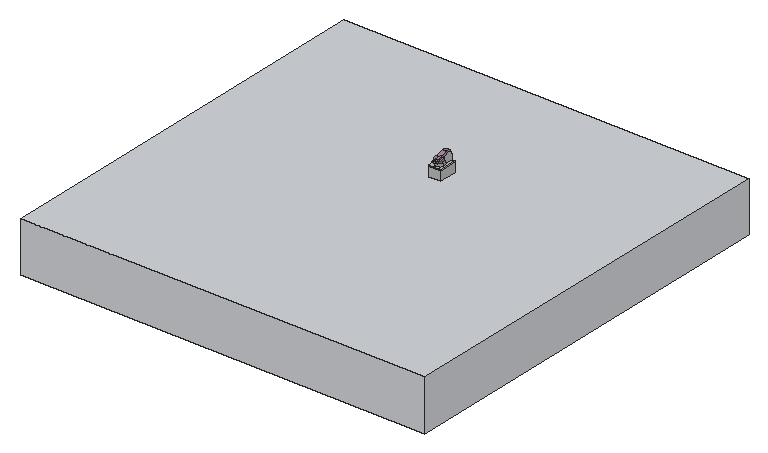
Revit family "LEGRAND_PRISES_NON_VERROUILLEES_SAILLIES_IP44_20", category Installations électriques, Revit 2018
Family settings
  Hôte = Face
  Conserver l'orientation des annotations = Non
  Cote de connecteur circulaire = Utiliser le diamètre
  Type d'élément = Normal
  Couper avec des vides une fois chargée = Non
  Partagée = Non
  Point de calcul de pièce = Non
Parameters (values of type "Socle tableau Hypra   IP44   TBT 16 A   20/25 V   2P   plast saillie boitier simple")
  type de raccordement = "bornes à vis"
  sans halogène = yes
  résistance aux chocs IK = "09"
  profondeur mm = 110 mm
  profondeur d'encastrement mm = 58 mm
  matériau du boitier = "plastique"
  largeur mm = 74 mm
  installation Encastrée E ou Saillie S = "encastré et saillie"
  hauteur mm = 106 mm
  h1 = 0.6 * hauteur mm  # 63.6 mm
  entraxe de fixation vertical mm = 60 mm
  entraxe de fixation horizontal mm = 52 mm
  classe de protection IP = "IP44"
  Tension V = "20 25 V  50/60 Hz  violet"
  Température minimum d'utilisation = "-50°C"
  Température minimum d'installation = "-20°C"
  Température maximum d'utilisation = "100°C"
  Température maximale d'installation = "40°C"
  Standard CEI ou NFC = "CEI"
  Ray = Dia bouchon / 2  # 24.05 mm
  RAY BOUCHON = Dia bouchon / 2  # 24.05 mm
  Position de la Terre h = 0
  Nombre de pôles = 2
  Modèle = "052401"
  Intensité A = 16 A
  Couleur caractéristique = "violet"
  Conditions Générale d'Utilisation = "https://export.legrand.com/CGU-objets-BIM"
  Fabricant = "Legrand"  # constant formula
  Elévation par défaut = 1000 mm
  Dia bouchon = 0.65 * largeur mm  # 48.1 mm
  Description = "Prise au standard international pour montage encastré ou saillie avec accessoire permet la connexion d'appareils de puissance"
Types (4, lengths in mm): name | profondeur mm | Nombre de pôles | Modèle | Intensité A
  (no name) | 110 | 2 | "052501" | 32 A
  Socle tableau Hypra   IP44   TBT 16 A   20/25 V   2P   plast saillie boitier simple | 110 | 2 | "052401" | 16 A
  Socle tableau Hypra   IP44   TBT 16 A   20/25 V   3P   plast saillie boitier simple | 97 | 3 | "052402" | 16 A
  Socle tableau Hypra   IP44   TBT 32 A   20/25 V   2P   plast saillie boitier simple | 110 | 2 | "052501" | 32 A
Reference planes
  plane 1 "Centre (avant/arrière)": y = 0
  plane 2: z = 0
  plane 3 "Centre (gauche/droite)": x = 0
  plane 4: z = 0
  plane 5: z = 110
  plane 6: x = -37
  plane 7: x = 37
  plane 8: y = 63.6
  plane 9: y = -42.4
  plane 10: z = 58
  plane 11: z = 63.5
  plane 12: x = -16
  plane 13: x = 16
  plane 14: x = 11
  plane 15: x = -11
  plane 16: z = 90
  plane 17: y = 43.6
  plane 18: y = 32.6
  plane 19: z = 100
Forms (mm)
  Extrusion 1, solid
    sketch origin (-66.799, -339.2, 0) x (1, 0, 0) y (0, 1, 0)
      loop
        line (-1219.2, 1219.2) -> (-1219.2, -1219.2) -> (1219.2, -1219.2) -> (1219.2, 1219.2) -> (-1219.2, 1219.2)
    from 0 to -304.8
  Extrusion 2, solid, material "Legrand - Plastique gris"
    sketch origin (0, -15.933, 101.774) x (1, 0, 0) y (0, 0.939693, 0.34202)
      loop
        circle (0, 0) r 24.05
    from -12.32 to -99.553
  Extrusion 3, solid, material "Legrand - Plastique gris"
    sketch origin (0, -1506.027, 58) x (0, -1, 0) y (1, 0, 0)
      loop
        line (-1569.627, -37) -> (-1463.627, -37) -> (-1463.627, 37) -> (-1569.627, 37) -> (-1569.627, -37)
    from 0 to 5.5
  Revolve 4, solid, material "Legrand - Plastique Violet"
    sketch origin (0, 0, 58) x (0, -0.34202, 0.939693) y (0, -0.939693, -0.34202)
      loop
        arc (46.584, 0) -> (45.167, 12.42) -> (40.585, 24.05) r 47.913
        line (40.585, 24.05) -> (34.264, 24.05) -> (34.264, 0) -> (46.584, 0)
      axis (34.264, 0) -> (46.584, 0)
    angle from 0 to 360
  Extrusion 5, solid, material "Legrand - Plastique gris"
    sketch origin (0, 0, 0) x (0, 1, 0) y (0, 0, 1)
      loop
        line (-11.719, 90.198) -> (-2.002, 63.5) -> (63.6, 63.5) -> (63.6, 91.342)
        arc (63.6, 91.342) -> (58.468, 104.409) -> (46.232, 111.29) r 20.922
        line (46.232, 111.29) -> (-11.719, 90.198)
    from -16 to 16
  Extrusion 6, solid, material "Legrand - Plastique gris"
    sketch origin (0, 0, 0) x (0, 1, 0) y (0, 0, 1)
      loop
        line (63.6, 58) -> (-42.4, 58) -> (-42.4, 0) -> (63.6, 0) -> (63.6, 58)
    from -37 to 37
  Extrusion 7, solid, material "Legrand - Plastique Violet"
    sketch origin (0, 0, 0) x (0, 1, 0) y (0, 0, 1)
      loop
        line (32.6, 119.439) -> (-46.341, 90.707) -> (-34.319, 81.972) -> (0, 94.463) -> (0, 63.5) -> (62.1, 63.5) -> (62.1, 100)
        arc (62.1, 100) -> (52.237, 117.135) -> (32.6, 119.439) r 22.008
    from -11 to 11
  Extrusion 8, solid, material "Legrand - Plastique Violet"
    sketch origin (0, -34.319, 81.972) x (0, -0.809017, 0.587785) y (1, 0, 0)
      loop
        line (0, 11) -> (0, -11) -> (14.9, -11)
        arc (14.9, -11) -> (25.9, 0) -> (14.9, 11) r 11
        line (14.9, 11) -> (0, 11)
    from 0 to 5.558
Cuts and joins
  joined: Extrusion 2, Extrusion 3, Extrusion 5
  joined: Extrusion 7, Extrusion 8
Lines and regions (mm)
  reference lines
    curve 1: line (0, 0, 58) -> (0, -15.933, 101.774)
    curve 2: line (0, -15.933, 101.774) -> (0, -38.532, 93.549)
    curve 3: line (0, -15.933, 101.774) -> (0, 6.667, 110)
    curve 4: line (0, 0, 58) -> (0, 18.116, 8.226)
    curve 5: line (0, 18.116, 8.226) -> (0, 40.716, 16.451)
    curve 6: line (0, 18.116, 8.226) -> (0, -4.483, 0)
    curve 7: line (0, -11.719, 90.198) -> (0, -34.319, 81.972)
    curve 8: line (0, -11.719, 90.198) -> (0, 10.881, 98.423)
    curve 9: line (0, -34.319, 81.972) -> (0, -54.544, 96.667)
Dimensions and locks
  "profondeur mm": plane 5 to plane 4
  "hauteur mm": plane 8 to plane 9
  equal spacing: plane 6, plane 3 "Centre (gauche/droite)", plane 7
  "largeur mm": plane 6 to plane 7
  "profondeur d'encastrement mm": plane 10 to plane 4
  equal spacing: curve 2, curve 1, curve 3
  "Dia bouchon": curve 3 to curve 2
  equal spacing: curve 5, curve 4, curve 6
  "Dia bouchon": curve 5 to curve 6
  equal spacing: curve 8, curve 1, curve 7
  "Dia bouchon": curve 7 to curve 8
  curve 8 to curve 3 = 12.32 mm
  "h1": plane 8 to plane 1 "Centre (avant/arrière)"
  locked: plane 11 to plane 10 at 5.5
  plane 12 to plane 3 "Centre (gauche/droite)" to plane 13 = 16 mm, 16 mm
  locked: Revolve 4 sketch curve to curve 2 at 5.998
  locked: plane 14 to plane 13 at 5
  locked: plane 12 to plane 15 at 5
  locked: Extrusion 7 sketch curve to plane 8 at 1.5
  "RAY BOUCHON": Revolve 4 sketch curve to Revolve 4 sketch curve
  locked: plane 17 to plane 8 at 20
  locked: plane 16 to plane 5 at 20
  locked: plane 18 to plane 8 at 31
  locked: plane 5 to plane 19 at 10
  locked: Extrusion 8 sketch curve to Extrusion 8 sketch curve at 14.9
  "Ray": radius of Extrusion 2 sketch curve
  locked: plane 1 "Centre (avant/arrière)" to curve 1 (angle 20.00°)
  locked: curve 3 to curve 1 (angle 90.00°)
  locked: curve 1 to curve 2 (angle 90.00°)
  locked: curve 4 to plane 1 "Centre (avant/arrière)" (angle 20.00°)
  locked: curve 4 to curve 5 (angle 90.00°)
  locked: curve 6 to curve 4 (angle 90.00°)
  locked: curve 7 to curve 1 (angle 90.00°)
  locked: curve 1 to curve 8 (angle 90.00°)
  locked: plane 9 to curve 9 (angle 54.00°)
  aligned and locked: plane 2 to Extrusion 1
  aligned and locked: level to Extrusion 1
  aligned and locked: plane 10 to curve 1
  aligned and locked: plane 1 "Centre (avant/arrière)" to curve 1
  aligned and locked: plane 5 to curve 3
  aligned and locked: plane 4 to curve 6
  aligned and locked: Extrusion 2 to curve 4
  aligned and locked: Extrusion 3 to plane 10
  aligned and locked: curve 7 to curve 8
  aligned and locked: plane 11 to Extrusion 5 sketch curve
  aligned and locked: curve 8 to Extrusion 5 sketch curve
  aligned and locked: Extrusion 6 to plane 6
  aligned and locked: plane 7 to Extrusion 6
  aligned and locked: plane 2 to plane 4
  aligned and locked: Extrusion 2 to curve 7
  aligned and locked: Extrusion 5 to curve 1
  aligned and locked: Revolve 4 sketch curve to curve 7
  aligned and locked: Extrusion 5 sketch curve to plane 8
  aligned and locked: Extrusion 7 sketch curve to curve 2
  aligned and locked: Extrusion 7 sketch curve to curve 7
  aligned and locked: cut or joined group of Extrusion 2, Extrusion 3, Extrusion 5 to Extrusion 7 sketch curve  (x2)
  aligned and locked: Extrusion 7 to plane 15
  aligned and locked: Extrusion 7 to plane 14
  aligned and locked: plane 18 to Extrusion 7 sketch curve
  aligned and locked: plane 19 to Extrusion 7 sketch curve
  aligned and locked: Extrusion 8 to curve 9  (x2)
  aligned and locked: Extrusion 8 to Extrusion 7 sketch curve
Automatic sketch dimensions
  Extrusion 1 sketch curve to Extrusion 1 sketch curve = 2438.4 mm  (x2)
  Extrusion 3 sketch curve to plane 7 = 0 mm
  Extrusion 3 sketch curve to plane 8 = 0 mm
  Extrusion 3 sketch curve to plane 6 = 0 mm
  Extrusion 3 sketch curve to plane 9 = 0 mm
  Extrusion 6 sketch curve to plane 9 = 0 mm
  Extrusion 6 sketch curve to level = 0 mm
  Extrusion 6 sketch curve to plane 8 = 0 mm
  Extrusion 6 sketch curve to plane 10 = 0 mm
  plane 17 to Extrusion 5 sketch curve = 2.632 mm
  Extrusion 5 sketch curve to plane 16 = 1.342 mm
  plane 1 "Centre (avant/arrière)" to Extrusion 5 sketch curve = 2.002 mm
  Extrusion 5 sketch curve to plane 16 = 0.671 mm
  Extrusion 8 sketch curve to curve 9 = 0 mm
  Extrusion 8 sketch curve to curve 9 = 11 mm
  Extrusion 8 sketch curve to curve 9 = 10.1 mm
  Extrusion 8 sketch curve to Extrusion 8 sketch curve = 0 mm
  Extrusion 7 sketch curve to plane 1 "Centre (avant/arrière)" = 0 mm
  Extrusion 2 sketch curve to plane 3 "Centre (gauche/droite)" = 0 mm
  Revolve 4 sketch curve to curve 1 = 0 mm  (x5)
  Revolve 4 sketch curve to curve 1 = 0.825 mm
Connectors
  electrical at (0, 10.6, 58)
    settings: on cut or joined group of Extrusion 2, Extrusion 3, Extrusion 5, index 1, voltage 0 V, apparent load 0 VA, apparent load phase1 0 VA, apparent load phase2 0 VA, apparent load phase3 0 VA, power factor 1, load classification "Autre", number of poles 1, system type 31, power factor state 1, is connector primary yes, connector utility no, sub classification motor no, connector description ""
